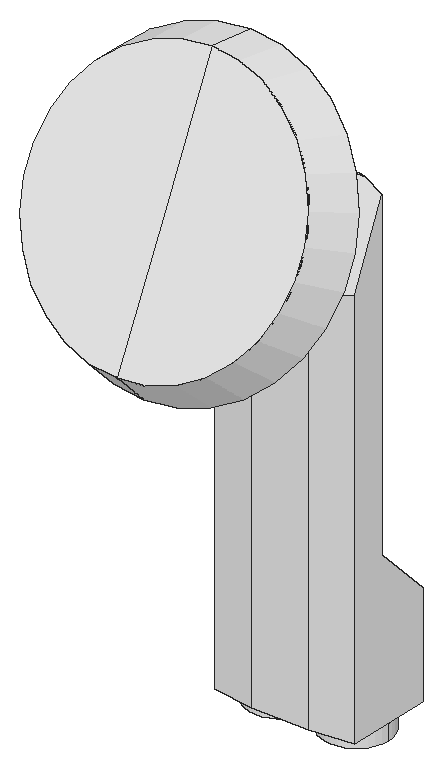
Revit family "Showerhead_Contemporary_Soiree_TS960AL_TOTO", category Plumbing Fixtures, host Face, Revit 2013
Parameters (values of type "TS960AL")
  ecoScorecard_data = " "
  ecoScorecard Product Page = "  "
  Width = 0' - 4 3/4"  # constant formula
  Waste Connection = no
  Warranty URL = "http://www.totousa.com/warranty-registration"
  Warranty = "Lifetime Limited Warranty (Residential Use); One Year Limited (Commercial Use)"  # constant formula
  WFU = 0
  Vent Connection = no
  URL = "http://www.totousa.com"
  Toto BIM Number = "BM-00055"  # constant formula
  Tempered Water Connection NPT = 1/2"
  Subcategory = "Showers"  # constant formula
  Style = "Contemporary"  # constant formula
  Spec Sheet URL = "http://assets.totousa.com/product-files/SS-00445_TS960AL.pdf"
  Shipping Weight = 11.00 lbf
  Series = "Soiree"  # constant formula
  Product Page URL = " "
  Owners Manual URL = "  "
  Model = "TS960AL"  # constant formula
  Manufacturer Toll Free Phone = "1-888-295-8134"  # constant formula
  Manufacturer Phone = "(770) 282-8686"  # constant formula
  Manufacturer Fax = "(770) 282-0002"  # constant formula
  Manufacturer Email = "mailto:custservice@totousa.com"
  Manufacturer Address = "1155 Southern Road, Morrow, Georgia 30260"  # constant formula
  Manufacturer = "TOTO USA, Inc."  # constant formula
  Installation URL = " "
  Hot Water Connection Radius = 0' - 0 1/2"
  Hot Water Connection Diameter = Hot Water Connection Radius * 2  # 0' - 1"
  Hot Water Connection = "Hot Water Connection"  # constant formula
  Height = 0' - 4 11/16"  # constant formula
  HWFU = 0
  HW Connection = yes
  Flow Rate = 1.75 GPM
  Finish = Metal - TOTO - Chrome - Polished
  Description = "Showerhead"  # constant formula
  Depth = 0' - 10"  # constant formula
  Default Elevation = 6' - 5"
  Cost Info = "mailto:custservice@totousa.com"
  Color Availability = "#CP Polished Chrome"  # constant formula
  Cold Water Connector = "Cold Water Connection"  # constant formula
  Cold Water Connection Radius = 0' - 0 1/2"
  Cold Water Connection Diameter = Cold Water Connection Radius * 2  # 0' - 1"
  CWFU = 0
  CW Connection = yes
  CAD Drawing URL = "http://assets.totousa.com/product-files/AD-00073_TS960A_AL.dxf"
  Assembly Code = "D2010710"
  95 CSI = "15416"  # constant formula
  04 CSI = "22 41 39"  # constant formula
Reference planes (in)
  plane 1 "Center (Front/Back)": y = 0
  plane 2: z = 0
  plane 3 "Center (Left/Right)": x = 0
Dimensions and locks (in)
  aligned and locked: plane 2 to host face
  aligned and locked: level to host face
  aligned and locked: plane 3 "Center (Left/Right)" to nested 1
  aligned and locked: plane 1 "Center (Front/Back)" to nested 1
Nested families (in)
  nested 1: "TS960AL" at (0, 0, 0), type "TS960AL"
Connectors (in)
  piping at (0.58984, 0, -0.25), driven by "Cold Water Connection Radius", driven by "CWFU", driven by "Cold Water Connector", driven by "CW Connection", driven by "CW Connection"
    settings: on nested 1, index 1, connector radius 1/2", flow factor 0, pipe flow 0.00 GPM, pressure drop 0.00 psi, fitting loss kfactor 0, connector angle 0.00°, fixture units 0, engagement length 0' - 0", flow configuration 3, flow direction 1, fitting loss method 0, system type 20, joint type 0, gender type 0, connector reference index -1, connector utility 1, adjustable connector yes, is connector primary yes, fitting loss table "", connector description "Cold Water Connection"
  piping at (-0.58984, 0, -0.25), driven by "HW Connection", driven by "Hot Water Connection", driven by "Hot Water Connection Radius", driven by "HWFU"
    settings: on nested 1, index 2, connector radius 1/2", flow factor 0, pipe flow 0.00 GPM, pressure drop 0.00 psi, fitting loss kfactor 0, connector angle 0.00°, fixture units 0, engagement length 0' - 0", flow configuration 3, flow direction 1, fitting loss method 0, system type 19, joint type 0, gender type 0, connector reference index -1, connector utility 1, adjustable connector no, is connector primary no, fitting loss table "", connector description "Hot Water Connection"
Definition of nested family "TS960AL"
  Parameters (values of type "TS960AL")
    Width = 0' - 4 3/4"  # constant formula
    Waste Connection = no
    WFU = 0
    Vent Connection = yes
    URL = ""
    Tempered Water Connection NPT = 1/2"
    Showerhead Material = Metal - TOTO - Chrome - Polished
    Model = ""
    Manufacturer = ""
    Height = 0' - 4 11/16"  # constant formula
    HWFU = 0
    HW Connection = yes
    Description = ""
    Depth = 0' - 10"  # constant formula
    Default Elevation = 6' - 5"
    CWFU = 0
    CW Connection = no
    Assembly Code = ""
  Reference planes (in)
    plane 1 "Center (Front/Back)": y = 0
    plane 2: z = 0
    plane 3 "Center (Left/Right)": x = 0
    plane 4: x = -1.09375
    plane 5: x = 1.09375
    plane 6: y = 0.75
    plane 7: y = -0.75
    plane 8: y = -3.9375
    plane 9: y = -3
    plane 10: z = 9.98123
    plane 11: x = 2.375
    plane 12: x = -2.375
  Forms (in)
    Extrusion 1, solid
      sketch origin (0, 0, 0) x (1, 0, 0) y (0, 1, 0)
        loop
          line (-48, 48) -> (-48, -48) -> (48, -48) -> (48, 48) -> (-48, 48)
      from 0 to -12
    Extrusion 2, solid, material "Metal - TOTO - Chrome - Polished" <- "Showerhead Material"
      sketch origin (0, 0, 0) x (0, 1, 0) y (0, 0, 1)
        loop
          line (-0.75, 0) -> (0.75, 0) -> (0.75, 1.48)
          arc (0.75, 1.48) -> (0.33798, 1.96688) -> (-0.12748, 2.40295) r 5.51706
          line (-0.12748, 2.40295) -> (-0.03906, 2.40295) -> (-0.03906, 7.5414)
          arc (-0.03906, 7.5414) -> (-0.05422, 7.5602) -> (-0.0758, 7.54938) r 0.01924
          line (-0.0758, 7.54938) -> (-0.75, 6.07) -> (-0.75, 0)
      from -1.09375 to 1.09375
    Extrusion 3, void
      sketch origin (0, 0, 0) x (1, 0, 0) y (0, 1, 0)
        loop
          line (1.09375, 0.66158) -> (1.09375, 0.79638) -> (-1.09375, 0.79638) -> (-1.09375, 0.66158)
          arc (-1.09375, 0.66158) -> (0, 0.76719) -> (1.09375, 0.66158) r 5.71648
      from 0 to 2.40295
    Extrusion 4, void
      sketch origin (0, -0.78906, 0) x (1, 0, 0) y (0, 1, 0)
        loop
          line (1.09375, 0.66158) -> (1.09375, 0.78906) -> (-1.09375, 0.78906) -> (-1.09375, 0.66158)
          arc (-1.09375, 0.66158) -> (0, 0.76719) -> (1.09375, 0.66158) r 5.71648
      from 2.40295 to 9.98123
    Extrusion 5, void
      sketch origin (0, 0, 0) x (1, 0, 0) y (0, 1, 0)
        loop
          arc (1.09375, -0.66158) -> (0, -0.76719) -> (-1.09375, -0.66158) r 5.71648
          line (-1.09375, -0.66158) -> (-1.09375, -0.79638) -> (1.09375, -0.79638) -> (1.09375, -0.66158)
      from 0 to 9.98123
    Revolve 6, solid, material "Metal - TOTO - Chrome - Polished" <- "Showerhead Material", detail levels fine
      sketch origin (0, -3.02696, 0.50818) x (0, 0.898794, -0.438371) y (0, 0.438371, 0.898794)
        loop
          line (-0.41283, 6.80689) -> (-0.4263, 7.32145) -> (-1.0843, 7.32145) -> (-1.20166, 6.98061) -> (-1.31283, 6.9777) -> (-1.31283, 7.32145) -> (-2.24283, 7.32145) -> (-2.24283, 7.1652) -> (-2.57658, 7.1652) -> (-2.57658, 9.18189) -> (-3.29658, 8.93189) -> (-3.29658, 6.80689) -> (-0.41283, 6.80689)
        axis (-3.29658, 6.80689) -> (-0.41283, 6.80689)
      angle from 0 to 360
    Extrusion 7, solid, material "Metal - TOTO - Chrome - Polished" <- "Showerhead Material"
      sketch origin (0, 0, 0) x (1, 0, 0) y (0, 1, 0)
        loop
          circle (0.58984, 0) r 0.5
        loop
          circle (-0.58984, 0) r 0.5
      from 0 to -0.25
    Revolve 8, solid, material "Metal - TOTO - Chrome - Polished" <- "Showerhead Material", detail levels coarse+medium
      sketch origin (0, 0, 0) x (0, 1, 0) y (0, 0, 1)
        loop
          line (-0.41406, 6.80714) -> (-0.20061, 7.27553) -> (-2.13326, 8.21815) -> (-1.3177, 9.8903) -> (-1.96483, 10.20593) -> (-3.00596, 8.0713) -> (-0.41406, 6.80714)
        axis (-0.41406, 6.80714) -> (-3.00596, 8.0713)
      angle from 0 to 360
  Cuts and joins
    Extrusion 3, Extrusion 4, Extrusion 5 cuts Extrusion 2
  Dimensions and locks (in)
    equal spacing: Extrusion 2 sketch curve, plane 1 "Center (Front/Back)", Extrusion 2 sketch curve, locked at 0.75 each
    plane 4 to plane 3 "Center (Left/Right)" to plane 5 = 0' - 1 3/32" locked, 0' - 1 3/32" locked
    Extrusion 2 sketch curve to Extrusion 2 sketch curve to Extrusion 2 sketch curve to Extrusion 2 sketch curve to Extrusion 2 sketch curve to Extrusion 2 sketch curve to Extrusion 2 sketch curve = 0' - 1.48" locked, 0' - 0.92295" locked, 0' - 0" locked, 0' - 3.66705" locked, 0' - 1.4714" locked, 0' - 0.00798" locked
    plane 1 "Center (Front/Back)" to Extrusion 3 sketch curve to Extrusion 3 sketch curve = 0' - 0.66158" locked, 0' - 0" locked
    locked: Extrusion 3 sketch curve to plane 1 "Center (Front/Back)" at 0.79638
    Extrusion 4 sketch curve to Extrusion 4 sketch curve to plane 1 "Center (Front/Back)" = 0' - 0" locked, 0' - 0.12748" locked
    locked: plane 1 "Center (Front/Back)" to Extrusion 5 sketch curve at 0.79638
    Extrusion 5 sketch curve to Extrusion 5 sketch curve to plane 1 "Center (Front/Back)" = 0' - 0" locked, 0' - 0.66158" locked
    Revolve 6 sketch curve to Revolve 6 sketch curve to Revolve 6 sketch curve to Revolve 6 sketch curve = 0' - 0.72" locked, 0' - 0.33375" locked, 0' - 0.93" locked
    locked: plane 9 to plane 1 "Center (Front/Back)" at 3
    locked: plane 3 "Center (Left/Right)" to plane 11 at 2.375
    locked: plane 12 to plane 3 "Center (Left/Right)" at 2.375
    "Height": plane 8 to plane 6
    aligned and locked: plane 2 to Extrusion 1
    aligned and locked: level to Extrusion 1
    aligned and locked: Extrusion 2 sketch curve to plane 2
    aligned and locked: plane 4 to Extrusion 2
    aligned and locked: plane 5 to Extrusion 2
    aligned and locked: Extrusion 3 to Extrusion 2
    aligned and locked: Extrusion 4 to Extrusion 5
    aligned and locked: plane 4 to Extrusion 3 sketch curve
    aligned and locked: plane 5 to Extrusion 3 sketch curve
    aligned and locked: Extrusion 4 sketch curve to plane 1 "Center (Front/Back)"
    aligned and locked: plane 5 to Extrusion 4 sketch curve
    aligned and locked: plane 4 to Extrusion 4 sketch curve
    aligned and locked: plane 5 to Extrusion 5 sketch curve
    aligned and locked: Extrusion 5 sketch curve to plane 4
    aligned and locked: Extrusion 3 to Extrusion 4
    aligned and locked: Revolve 6 sketch curve to Revolve 6 sketch curve  (x2)
    aligned and locked: plane 2 to Extrusion 7
    aligned and locked: plane 6 to cut or joined group of Extrusion 2, Extrusion 3, Extrusion 4, Extrusion 5
    aligned and locked: plane 7 to cut or joined group of Extrusion 2, Extrusion 3, Extrusion 4, Extrusion 5
    aligned and locked: plane 8 to Revolve 6
    aligned and locked: Revolve 6 sketch curve to cut or joined group of Extrusion 2, Extrusion 3, Extrusion 4, Extrusion 5
    aligned and locked: plane 10 to Revolve 6
    aligned and locked: Extrusion 4 to plane 10
  Automatic sketch dimensions
    Extrusion 1 sketch curve to Extrusion 1 sketch curve = 8' - 0"  (x2)
    Extrusion 2 sketch curve to level = 0' - 1.83453"
    plane 1 "Center (Front/Back)" to Extrusion 2 sketch curve = 0' - 0 3/4"
    plane 1 "Center (Front/Back)" to Extrusion 2 sketch curve = 0' - 0.12748"
    Extrusion 2 sketch curve to Extrusion 2 sketch curve = 0' - 0.01751"
    plane 1 "Center (Front/Back)" to Extrusion 2 sketch curve = 0' - 0 5/128"
    plane 1 "Center (Front/Back)" to Extrusion 4 sketch curve = 0' - 5.73835"
    plane 1 "Center (Front/Back)" to Extrusion 5 sketch curve = 0' - 4.94929"
    plane 1 "Center (Front/Back)" to Extrusion 3 sketch curve = 0' - 4.94929"
    plane 10 to Revolve 6 sketch curve = 0' - 0"
    plane 7 to Revolve 6 sketch curve = 0' - 0.04201"
    plane 8 to Revolve 6 sketch curve = 0' - 1.26337"
    plane 10 to Revolve 6 sketch curve = 0' - 0.83941"
    Revolve 6 sketch curve to Revolve 6 sketch curve = 0' - 0.11117"
    Revolve 6 sketch curve to Revolve 6 sketch curve = 0' - 2.93"
    Revolve 6 sketch curve to Revolve 6 sketch curve = 0' - 0.00291"
    Revolve 6 sketch curve to Revolve 6 sketch curve = 0' - 2.44206"
    Revolve 6 sketch curve to Revolve 6 sketch curve = 0' - 0.22853"
    Revolve 6 sketch curve to Revolve 6 sketch curve = 0' - 0 11/32"
    Revolve 6 sketch curve to Revolve 6 sketch curve = 0' - 0 5/32"
    Revolve 6 sketch curve to Revolve 6 sketch curve = 0' - 0 1/4"
    plane 9 to Revolve 8 sketch curve = 0' - 0.45536"
    plane 9 to Revolve 8 sketch curve = 0' - 0.00596"
    Revolve 8 sketch curve to Revolve 8 sketch curve = 0' - 0"  (x2)
    Revolve 8 sketch curve to plane 9 = 0' - 0.86674"
    Revolve 8 sketch curve to plane 10 = 0' - 0.2247"
    Revolve 8 sketch curve to plane 9 = 0' - 1 9/256"
    plane 10 to Revolve 8 sketch curve = 0' - 0.09093"
    Revolve 8 sketch curve to Revolve 8 sketch curve = 0' - 0.64713"
    Revolve 8 sketch curve to plane 7 = 0' - 0 43/128"
    plane 1 "Center (Front/Back)" to Revolve 8 sketch curve = 0' - 0.20061"
    Revolve 8 sketch curve to Revolve 8 sketch curve = 0' - 0.21919"
    plane 1 "Center (Front/Back)" to Extrusion 7 sketch curve = 0' - 0"  (x2)
    Extrusion 7 sketch curve to plane 4 = 0' - 0 129/256"
    Extrusion 7 sketch curve to plane 5 = 0' - 0 129/256"
    radius of Extrusion 7 sketch curve = 0' - 0 1/2"  (x2)
